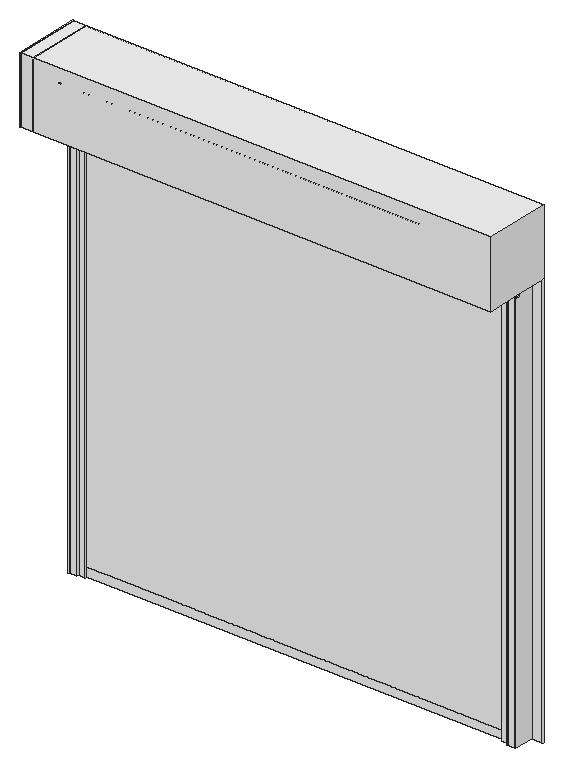
Revit family "NBS_HAGTheDoorSpecialists_RllrShtrSets_Armourguard_F2", category Doors, host Wall, Revit 2021
Family settings
  Host = Wall
  OmniClass Number = 23.30.10.00
  OmniClass Title = Doors
  Always vertical = Yes
  Cut with Voids When Loaded = No
  Shared = No
  Room Calculation Point = No
Parameters
  WidthMaximum = 12000
  Width = 0 mm
  WarrantyStartDate [instance] = "1900-12-31T23:59:59"
  WarrantyGuarantorParts = "n/a"
  WarrantyGuarantorLabor = "n/a"
  WarrantyDurationUnit = "year"
  WarrantyDurationParts = "n/a"
  WarrantyDurationLabor = "n/a"
  WarrantyDescription = "n/a"
  Version = "3"  # constant formula
  UsageCurrent = 0
  Uniclass2015Version = "Products v1.5"
  Uniclass2015Title = "Roller shutter sets"
  Uniclass2015Code = "Pr_30_59_24_73"
  ThreePhaseMotorBox [instance] = no
  ThermalTransmittance = 0
  TagNumber [instance] = "n/a"
  SustainabilityPerformance = "n/a"
  StructuralWallThickness [instance] = 150 mm
  StructuralOpeningWidthCalc [instance] = if(StructuralOpeningWidth > MaximumStructuralOpeningWidth, MaximumStructuralOpeningWidth, StructuralOpeningWidth)  # 2500 mm
  StructuralOpeningWidth [instance] = 2500 mm
  StructuralOpeningHeightCalc [instance] = if(StructuralOpeningHeight > MaximumStructuralOpeningHeight, MaximumStructuralOpeningHeight, StructuralOpeningHeight)  # 2500 mm
  StructuralOpeningHeight [instance] = 2500 mm
  StartCurrentFactor = 0
  SpringLoaded = "n/a"
  SmokeStop = no
  Size = "100 x ≤ 12000 mm"
  SideOffset [instance] = 165 mm  # constant formula
  SideGuideWidth [instance] = 85 mm  # constant formula
  SideGuideDepth [instance] = 70 mm  # constant formula
  ShutterCurtainProfile = "100mm flat lath"
  ShutterCurtainLathMaterial = "0.7mm twin skinned with CFC insulation."
  ShutterCurtainFinishAndColour = "HP200 plastisol colour coated finish to outside face and standard corrosion resistant finish to reverse side"
  ShutterBoxMaterial = "0.91 mm bright spangle galvanized pressed steel coil casing"
  ShutterBoxFinishAndColour = "HP200 plastisol colour coated finish to outside face and standard corrosion resistant finish to reverse side"
  Shape = "n/a"
  SerialNumber [instance] = "n/a"
  SelfClosing = yes
  SecurityRating = "Medium to high"
  Revision = "n/a"
  ReplacementCost = "n/a"
  Reference = "n/a"
  ProductInformation = "www.hag.co.uk/hag-downloads.html"
  PhaseReference = "n/a"
  PhaseAngle = 0.00°
  PanelMaterial = NBS_HAGTheDoorSpecialists_SteelLaths_90mm
  OverallWidth [instance] = StructuralOpeningWidthCalc + SideOffset * 2  # 2830 mm
  OverallHeight [instance] = StructuralOpeningHeightCalc + HeadPlateHeight  # 2900 mm
  OperationMode = "Single phase electric or three phase automatic Or Chain Operation"
  OperationControl = "Push button control as standard with low level hand chain overrise or high level hand crank"
  Operation = "ROLLINGUP"
  NumberOfPoles = 0
  NominalWidth [instance] = StructuralOpeningWidth  # 2500 mm
  NominalVoltage = "240, 415"
  NominalLength [instance] = 0 mm
  NominalHeight [instance] = StructuralOpeningHeight  # 2500 mm
  NominalFrequencyRange = "0"
  NominalCurrent = 10
  Name = "RollerShutterSets_Armourguard_F2_HAGTheDoorSpecialists"
  NBSTypeID = "n/a"
  NBSReference = "45-25-28/414"
  NBSOfficeMasterTag = "n/a"
  NBSNote = "n/a"
  NBSDescription = "Roller shutter sets"
  NBSCertification = "www.nationalbimlibrary.com/cert/vz2htwge"
  MotorEnclosureType = "n/a"
  MotorBoxWidth [instance] = if(ThreePhaseMotorBox, 250 mm, 2 mm)  # 2 mm
  MotorBoxDepthOverHang [instance] = if(ThreePhaseMotorBox, 340 mm, 0 mm)  # 0 mm
  ModelReference = "Armourguard_F2"
  ModelNumber = "n/a"
  MaximumStructuralOpeningWidth [instance] = 10000 mm - SideOffset * 2  # 9670 mm
  MaximumStructuralOpeningHeight [instance] = 10000 mm - MaximumHeadPlateHeight  # 9300 mm
  MaximumPowerOutput = 0
  MaximumHeadPlateHeight [instance] = 700 mm  # constant formula
  Material = "Steel"
  MassPerUnitArea = "18.4 kg/m²"
  ManufacturingConstraints [instance] = if(or(StructuralOpeningWidth > MaximumStructuralOpeningWidth, StructuralOpeningHeight > MaximumStructuralOpeningHeight), "Structural opening dimensions were automatically adjusted according to manufacturing contraints", "Manufacturing constraints are satisfied")  # "Manufacturing constraints are satisfied"
  ManufacturerURL = "www.hag.co.uk"
  ManufacturerName = "HAG The Door Specialists"  # constant formula
  Manufacturer = "info@hag.co.uk"
  LockedRotorCurrent = 0
  LayerWrapExternal [instance] = StructuralWallThickness  # 150 mm
  IsGuarded = no
  IsExternal = yes
  InsulationStandardClass = "n/a"
  InstallationDate [instance] = "1900-12-31T23:59:59"
  Infiltration = 0
  IfcExportType = "DOOR"  # constant formula
  IfcExportAs = "IfcDoor"  # constant formula
  IP_Code = "n/a"
  Height = 0 mm
  HeadPlateWidth [instance] = HeadPlateHeight  # 400 mm
  HeadPlateHeight [instance] = if(StructuralOpeningHeightCalc > (6000 mm - 600 mm), 700 mm, if(StructuralOpeningHeightCalc > (5000 mm - 500 mm), 600 mm, if(StructuralOpeningHeightCalc > (4100 mm - 450 mm), 500 mm, if(StructuralOpeningHeightCalc > (3000 mm - 400 mm), 450 mm, if(StructuralOpeningHeightCalc > (2000 mm - 350 mm), 400 mm, 350 mm)))))  # 400 mm
  HasProtectiveEarth = no
  HasPartWinding = no
  Hardware = "n/a"
  HandicapAccessible = no
  Grade = "n/a"
  GlazingAreaFraction = 0
  FrameSize = "n/a"
  FrameAndGuidesMaterial = "Steel"
  FrameAndGuidesFinishAndColour = "Galvanized"
  Frame/MullionMaterial = NBS_Concept
  Wall Closure = 4
  Format = "External / Internal"
  FireRating = "n/a"
  FireExit = no
  Finish = "HP200 plastisol colour coated finish to outside face and standard corrosion resistant finish to reverse side"
  Features = "Medium to high security, suitable for loading bay and warehouse doors where insulation is required"
  ExpectedLife = "25"
  ElectricalDeviceNominalPower = 0
  ElectricMotorEfficiency = 0
  DurationUnit = "year"
  DoorNumber [instance] = "n/a"
  Description = "All steel construction roller shutter, 100mm twin skinned 22 gauge galvanised lath HP200 plastisol colour coated and foam insulation"
  Constituents = "n/a"
  ComponentNumber [instance] = "n/a"
  Color = "n/a"
  CodePerformance = "n/a"
  Category = "Pr_30_59_24_73:Roller shutter sets"
  BarCode [instance] = "n/a"
  BIMObjectName = "NBS_HAGTheDoorSpecialists_RollerShutterSets_Armourguard_F2"
  Author = "NBS"  # constant formula
  AssetType = "Fixed"
  AssetIdentifier [instance] = "n/a"
  Arrangement = "Reveal fix / Face fix"
  AcousticRating = "n/a"
  Accessories = "n/a"
  AccessibilityPerformance = "n/a"
Reference planes
  plane 1: y = 0
  plane 2 "Center (Left/Right)": x = 0
  plane 3 "Left": x = -1250
  plane 4 "Right": x = 1250
  plane 5: z = 2500
  plane 6 "Exterior": y = 75
  plane 7 "Interior": y = -75
  plane 8: y = -475
  plane 9: x = -1415
  plane 10: x = 1415
  plane 11: z = 2900
  plane 12: y = -130
  plane 13: x = -1340
  plane 14: x = 1340
  plane 15: x = -1255
  plane 16: x = 1255
  plane 17: y = -200
  plane 18: y = -165
  plane 19: y = -155
  plane 20: y = -175
  plane 21: x = -1334
  plane 22: x = 1334
  plane 23: z = 2400
  plane 24: z = 2897
  plane 25: z = 2503
  plane 26: y = -472
  plane 27: y = -78
  plane 28: y = -260
  plane 29: y = -263
  plane 30: z = 2485
  plane 31: z = 2700
  plane 32: y = -275
  plane 33: x = -1417
  plane 34: y = -475
  plane 35: z = 50
  plane 36: y = -275
  plane 37: y = -75
  plane 38: x = -1295
  plane 39: y = -145
  plane 40: y = -185.057
  plane 41: x = 1295
Forms (mm)
  Extrusion 1, solid, material "NBS_Concept" <- "Frame/MullionMaterial"
    sketch origin (0, 0, 0) x (1, 0, 0) y (0, 1, 0)
      loop
        line (-1415, -75) -> (-1415, -85) -> (-1350, -85) -> (-1350, -200) -> (-1340, -200) -> (-1340, -75) -> (-1415, -75)
      loop
        line (1340, -200) -> (1350, -200) -> (1350, -85) -> (1415, -85) -> (1415, -75) -> (1340, -75) -> (1340, -200)
    from 0 to 2500
  Extrusion 2, solid, material "NBS_Concept" <- "Frame/MullionMaterial"
    sketch origin (0, 0, 0) x (1, 0, 0) y (0, 1, 0)
      loop
        line (-1340, -130) -> (-1340, -200) -> (-1295, -200) -> (-1295, -188.057) -> (-1255, -188.057) -> (-1255, -185.057) -> (-1298, -185.057) -> (-1298, -197) -> (-1337, -197) -> (-1337, -133) -> (-1298, -133) -> (-1298, -145) -> (-1255, -145) -> (-1255, -141.943) -> (-1295, -141.943) -> (-1295, -130) -> (-1340, -130)
      loop
        line (1340, -130) -> (1295, -130) -> (1295, -141.943) -> (1255, -141.943) -> (1255, -145) -> (1298, -145) -> (1298, -133) -> (1337, -133) -> (1337, -197) -> (1298, -197) -> (1298, -185.057) -> (1255, -185.057) -> (1255, -188.057) -> (1295, -188.057) -> (1295, -200) -> (1340, -200) -> (1340, -130)
    from 0 to 2500
  Extrusion 3, solid, material "NBS_HAGTheDoorSpecialists_SteelLaths_90mm" <- "PanelMaterial", detail levels coarse
    sketch origin (0, 0, 0) x (1, 0, 0) y (0, 1, 0)
      loop
        line (-1334, -155) -> (-1334, -175) -> (1334, -175) -> (1334, -155) -> (-1334, -155)
    from 0 to 2500
  Extrusion 4, solid, material "NBS_Concept" <- "Frame/MullionMaterial", detail levels coarse
    sketch origin (0, 0, 0) x (0, 1, 0) y (0, 0, 1)
      loop
        line (-75, 2900) -> (-475, 2900) -> (-475, 2500) -> (-75, 2500) -> (-75, 2900)
    from -1415 to 1415
  Extrusion 5, solid, material "NBS_Concept" <- "Frame/MullionMaterial", detail levels medium+fine
    sketch origin (0, 0, 0) x (0, 1, 0) y (0, 0, 1)
      loop
        line (-75, 2900) -> (-475, 2900) -> (-475, 2500) -> (-263, 2500) -> (-263, 2488) -> (-275, 2488) -> (-275, 2485) -> (-260, 2485) -> (-260, 2500) -> (-75, 2500) -> (-75, 2900)
    from -1415 to 1415
  Extrusion 6, void
    sketch origin (0, 0, 0) x (0, 1, 0) y (0, 0, 1)
      loop
        line (-78, 2897) -> (-472, 2897) -> (-472, 2503) -> (-260, 2503) -> (-260, 2500) -> (-78, 2500) -> (-78, 2897)
    from -1340 to 1340
  Extrusion 7, solid, material "NBS_HAGTheDoorSpecialists_SteelLaths_90mm" <- "PanelMaterial", detail levels medium+fine
    sketch origin (0, 0, 0) x (0, 1, 0) y (0, 0, 1)
      loop
        circle (-275, 2700) r 20
      loop
        arc (-155, 2700) -> (-389.891, 2734.641) -> (-175, 2633.668) r 120
        line (-175, 2633.668) -> (-175, 50) -> (-155, 50) -> (-155, 2700)
    from -1334 to 1334
  Extrusion 8, solid, material "NBS_Concept" <- "Frame/MullionMaterial", detail levels medium+fine
    sketch origin (0, 0, 0) x (0, 1, 0) y (0, 0, 1)
      loop
        circle (-275, 2700) r 20
    from -1340 to 1340
  Extrusion 9, solid, material "NBS_Concept" <- "Frame/MullionMaterial"
    sketch origin (0, 0, 0) x (0, 1, 0) y (0, 0, 1)
      loop
        line (-75, 2900) -> (-475, 2900) -> (-475, 2500) -> (-75, 2500) -> (-75, 2900)
    from -1417 to -1415
  Extrusion 10, solid, material "NBS_Concept" <- "Frame/MullionMaterial", detail levels medium+fine
    sketch origin (0, 0, 0) x (0, 1, 0) y (0, 0, 1)
      loop
        line (-155, 50) -> (-175, 50) -> (-175, 0) -> (-155, 0) -> (-155, 50)
    from -1334 to 1334
Cuts and joins
  Extrusion 6 cuts Extrusion 5
Lines and regions (mm)
  Opening 1
    outline origin (-3050, -75, 0) x (1, 0, 0) y (0, 0, 1)
      loop
        line (1800, 0) -> (4300, 0) -> (4300, 2500) -> (1800, 2500) -> (1800, 0)
  Masking region 1, detail levels medium+fine
    outline origin (0, 0, 0) x (1, 0, 0) y (0, 1, 0)
      loop
        line (-1334, -155) -> (-1334, -175) -> (1334, -175) -> (1334, -155) -> (-1334, -155)
  symbolic lines, style "DoorsHiddenLines"
    curve 1: line (-1415, -75, 0) -> (-1415, -475, 0)
    curve 2: line (-1415, -475, 0) -> (1415, -475, 0)
    curve 3: line (1415, -475, 0) -> (1415, -75, 0)
    curve 5: line (-1415, -75, 0) -> (1415, -75, 0)
  symbolic lines, style "DoorsPanelProjection", detail levels coarse
    curve 4: line (-1334, -165, 0) -> (1334, -165, 0)
  symbolic lines, style "DoorsHiddenLines", visible <- "ThreePhaseMotorBox"
    curve 6: line (-1415, -75, 0) -> (-1417, -75, 0)
    curve 7: line (-1417, -75, 0) -> (-1417, -475, 0)
    curve 8: line (-1417, -475, 0) -> (-1415, -475, 0)
Text (mm)
  text "Exterior" at (-2295.016, 1099.543, 0), in view "Ref. Level"
  text "Exterior" at (0, 1615.38, 3698.081), in view "Left"
  text "Exterior" at (0, 1036.032, 3874.932), in view "Right"
Dimensions and locks
  equal spacing: plane 3 "Left", plane 2 "Center (Left/Right)", plane 4 "Right"
  "StructuralOpeningWidthCalc": plane 3 "Left" to plane 4 "Right"
  "StructuralOpeningHeightCalc": plane 5 to host wall
  host wall to plane 5 = 2500 mm  (x2)
  locked: plane 6 "Exterior" to host wall at 0
  locked: plane 7 "Interior" to host wall
  "HeadPlateWidth": plane 7 "Interior" to plane 8
  "HeadPlateHeight": plane 5 to plane 11
  equal spacing: plane 12, plane 18, plane 17
  locked: plane 13 to plane 21 at 6
  locked: plane 22 to plane 14 at 6
  locked: plane 5 to plane 23 at 100
  locked: plane 30 to plane 5 at 15
  equal spacing: plane 5, plane 31, plane 11
  equal spacing: plane 7 "Interior", plane 32, plane 8
  locked: plane 7 "Interior" to plane 27 at 3
  locked: plane 24 to plane 11 at 3
  locked: plane 5 to plane 25 at 3
  locked: plane 26 to plane 8 at 3
  "MotorBoxDepthOverHang": plane 8 to plane 34
  "MotorBoxWidth": plane 33 to plane 9
  locked: plane 35 to level at 50
  "StructuralWallThickness": host wall to host wall
  "LayerWrapExternal": plane 6 "Exterior" to plane 37
  locked: plane 9 to plane 13 at 75
  "SideGuideWidth": plane 13 to plane 15
  locked: plane 14 to plane 10 at 75
  "SideGuideWidth": plane 16 to plane 14
  "OverallWidth": plane 9 to plane 10
  equal spacing: plane 9, plane 2 "Center (Left/Right)", plane 10
  plane 28 to plane 29 to plane 36 = 3 mm locked, 12 mm locked
  "SideGuideDepth": plane 12 to plane 17
  locked: plane 13 to plane 38 at 45
  locked: plane 40 to plane 17 at 14.943
  locked: plane 12 to plane 39 at 15
  plane 19 to plane 18 to plane 20 = 10 mm locked, 10 mm locked
  locked: plane 41 to plane 14 at 45
  locked: plane 7 "Interior" to plane 12 at 55
  locked: plane 7 "Interior" to plane 28 at 185
  aligned and locked: plane 3 "Left" to Opening 1 sketch curve
  aligned and locked: plane 5 to Opening 1 sketch curve  (x2)
  aligned and locked: Opening 1 sketch curve to plane 4 "Right"
  aligned and locked: Opening 1 sketch curve to level
  aligned and locked: plane 1 to host wall
  aligned and locked: plane 17 to Extrusion 1 sketch curve  (x2)
  aligned and locked: Extrusion 1 sketch curve to plane 13
  aligned and locked: plane 7 "Interior" to Extrusion 1 sketch curve  (x2)
  aligned and locked: Extrusion 1 sketch curve to plane 14
  aligned and locked: Extrusion 1 to level
  aligned and locked: Extrusion 1 to plane 5
  aligned and locked: Extrusion 2 sketch curve to plane 12
  aligned and locked: plane 17 to Extrusion 2 sketch curve
  aligned and locked: plane 13 to Extrusion 2 sketch curve
  aligned and locked: Extrusion 2 to level
  aligned and locked: Extrusion 2 to plane 5
  aligned and locked: Extrusion 3 sketch curve to plane 19
  aligned and locked: plane 20 to Extrusion 3 sketch curve
  aligned and locked: plane 22 to Extrusion 3 sketch curve
  aligned and locked: plane 21 to Extrusion 3 sketch curve
  aligned and locked: Extrusion 3 to level
  aligned and locked: Extrusion 3 to plane 5
  aligned and locked: plane 7 "Interior" to curve 3
  aligned and locked: curve 1 to plane 9
  aligned and locked: plane 10 to curve 3
  aligned and locked: Masking region 1 sketch curve to plane 19
  aligned and locked: plane 22 to Masking region 1 sketch curve
  aligned and locked: plane 20 to Masking region 1 sketch curve
  aligned and locked: plane 21 to Masking region 1 sketch curve
  aligned and locked: plane 22 to curve 4
  aligned and locked: plane 21 to curve 4
  aligned and locked: curve 4 to plane 18
  aligned and locked: plane 11 to Extrusion 4 sketch curve
  aligned and locked: plane 8 to Extrusion 4 sketch curve
  aligned and locked: Extrusion 4 sketch curve to plane 5
  aligned and locked: plane 7 "Interior" to Extrusion 4 sketch curve
  aligned and locked: plane 11 to Extrusion 5 sketch curve
  aligned and locked: plane 8 to Extrusion 5 sketch curve
  aligned and locked: Extrusion 5 sketch curve to plane 5  (x2)
  aligned and locked: Extrusion 5 sketch curve to plane 29
  aligned and locked: Extrusion 5 sketch curve to plane 30
  aligned and locked: plane 28 to Extrusion 5 sketch curve
  aligned and locked: plane 7 "Interior" to Extrusion 5 sketch curve
  aligned and locked: Extrusion 5 to plane 9
  aligned and locked: Extrusion 4 to plane 9
  aligned and locked: plane 10 to Extrusion 5
  aligned and locked: plane 10 to Extrusion 4
  aligned and locked: plane 24 to Extrusion 6 sketch curve
  aligned and locked: Extrusion 6 sketch curve to plane 27
  aligned and locked: Extrusion 6 sketch curve to plane 5
  aligned and locked: Extrusion 6 sketch curve to plane 28
  aligned and locked: Extrusion 6 sketch curve to plane 25
  aligned and locked: Extrusion 7 to plane 21
  aligned and locked: Extrusion 7 to plane 22
  aligned and locked: Extrusion 8 to plane 13
  aligned and locked: plane 26 to Extrusion 6 sketch curve
  aligned and locked: plane 10 to curve 5
  aligned and locked: plane 19 to Extrusion 7 sketch curve
  aligned and locked: Extrusion 7 sketch curve to plane 20
  aligned and locked: plane 32 to Extrusion 7 sketch curve
  aligned and locked: plane 31 to Extrusion 7 sketch curve
  aligned and locked: plane 11 to Extrusion 9 sketch curve
  aligned and locked: plane 34 to Extrusion 9 sketch curve
  aligned and locked: Extrusion 9 sketch curve to plane 5
  aligned and locked: plane 7 "Interior" to Extrusion 9 sketch curve
  aligned and locked: plane 9 to Extrusion 9
  aligned and locked: Extrusion 9 to plane 33
  aligned and locked: plane 34 to curve 8
  aligned and locked: curve 6 to plane 7 "Interior"
  aligned and locked: curve 7 to plane 33
  aligned and locked: Extrusion 6 to plane 13
  aligned and locked: Extrusion 6 to plane 14
  aligned and locked: Extrusion 8 to plane 14
  aligned and locked: Extrusion 7 sketch curve to plane 35
  aligned and locked: Extrusion 10 sketch curve to plane 19
  aligned and locked: plane 20 to Extrusion 10 sketch curve
  aligned and locked: level to Extrusion 10 sketch curve
  aligned and locked: Extrusion 10 sketch curve to plane 35
  aligned and locked: Extrusion 10 to plane 22
  aligned and locked: Extrusion 10 to plane 21
  aligned and locked: plane 36 to Extrusion 5 sketch curve
  aligned and locked: Extrusion 1 sketch curve to plane 10
  aligned and locked: plane 9 to Extrusion 1 sketch curve
  aligned and locked: plane 38 to Extrusion 2 sketch curve  (x3)
  aligned and locked: Extrusion 2 sketch curve to plane 38
  aligned and locked: Extrusion 2 sketch curve to plane 40
  aligned and locked: Extrusion 2 sketch curve to plane 15
  aligned and locked: Extrusion 2 sketch curve to plane 39
  aligned and locked: plane 15 to Extrusion 2 sketch curve
  aligned and locked: plane 12 to Extrusion 2 sketch curve
  aligned and locked: Extrusion 2 sketch curve to plane 41
  aligned and locked: plane 39 to Extrusion 2 sketch curve
  aligned and locked: Extrusion 2 sketch curve to plane 16
  aligned and locked: Extrusion 2 sketch curve to plane 14
  aligned and locked: Extrusion 2 sketch curve to plane 17
  aligned and locked: plane 41 to Extrusion 2 sketch curve
  aligned and locked: plane 40 to Extrusion 2 sketch curve
  aligned and locked: plane 16 to Extrusion 2 sketch curve
  aligned and locked: curve 1 to plane 34
Automatic sketch dimensions
  Extrusion 1 sketch curve to plane 13 = 10 mm
  Extrusion 1 sketch curve to plane 14 = 10 mm
  host wall to Extrusion 1 sketch curve = 10 mm  (x2)
  plane 31 to Extrusion 8 sketch curve = 0 mm
  Extrusion 8 sketch curve to plane 32 = 0 mm
  Extrusion 7 sketch curve to Extrusion 7 sketch curve = 0 mm  (x2)
  Extrusion 5 sketch curve to plane 30 = 3 mm
  plane 13 to Extrusion 2 sketch curve = 3 mm
  Extrusion 2 sketch curve to plane 38 = 3 mm  (x2)
  Extrusion 2 sketch curve to plane 41 = 3 mm  (x2)
  plane 14 to Extrusion 2 sketch curve = 3 mm
  plane 17 to Extrusion 2 sketch curve = 3 mm  (x2)
  Extrusion 2 sketch curve to plane 40 = 3 mm  (x2)
  Extrusion 2 sketch curve to Extrusion 2 sketch curve = 3.057 mm
  plane 39 to Extrusion 2 sketch curve = 3.057 mm
  Extrusion 2 sketch curve to plane 12 = 3 mm  (x2)
  curve 2 to plane 8 = 0 mm
  radius of Extrusion 8 sketch curve = 20 mm
  radius of Extrusion 7 sketch curve = 20 mm
Connectors
  electrical at (-1417, -275, 2700)
    settings: on Extrusion 9, index 1, voltage 240 V, apparent load 0 VA, apparent load phase1 0 VA, apparent load phase2 0 VA, apparent load phase3 0 VA, power factor 1, load classification "Other", number of poles 1, system type 31, power factor state 1, is connector primary yes, connector utility no, sub classification motor no, connector description ""
